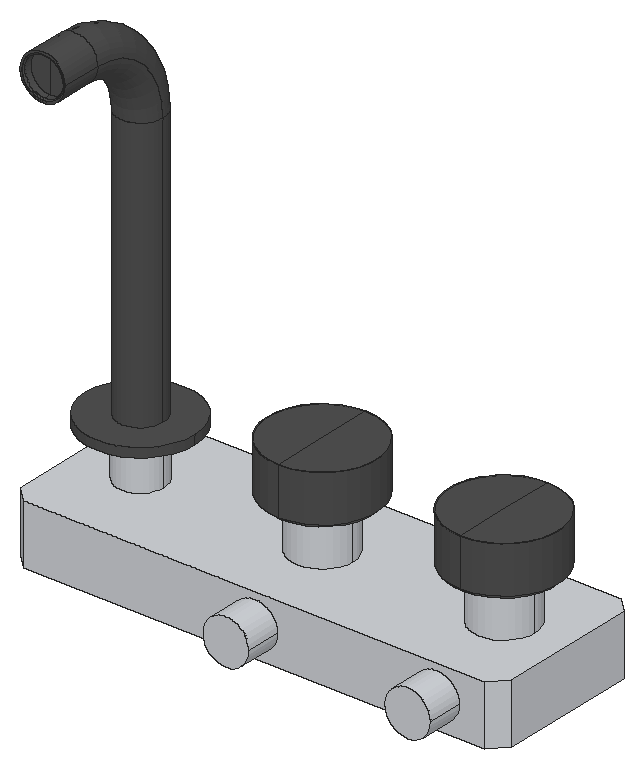
Revit family "Reece_Tap_Milli_Pure_Basin Tap Hostess System_200 mm_Linear Texture", category Plumbing Fixtures, host Face, Revit 2018
Family settings
  Host = Face
  Round Connector Dimension = Use Diameter
  Part Type = Normal
  Cut with Voids When Loaded = No
  Shared = Yes
  Room Calculation Point = Yes
Parameters (values of type "Matte Black")
  WFU = 0  # constant formula
  URL = "https://www.reece.com.au/product/-2224865"
  Type Comments = "Tap"
  Reece_Tap_Reach = 200 mm  # constant formula
  Reece_Tap_Inlet = 15 mm  # constant formula
  Reece_Product_Web Page = "https://www.reece.com.au/product/-2224865"
  Reece_Product_Type = "Tap"  # constant formula
  Reece_Product_Sub Brand = "Pure"  # constant formula
  Reece_Product_Number = "2224865"
  Reece_Product_Mount = "Wall Mounted"
  Reece_Product_Description = "Milli Pure Wall Basin Hostess System 200mm Right Hand with Linear Textured Handles Matte Black (3 star)"
  Reece_Product_Brand = "Milli"  # constant formula
  Reece_Overall_Length = 212.5 mm  # constant formula
  Reece_Material_Secondary = Reece_Brass_Matte Black_Linear Pattern
  Reece_Material_Main = Reece_Brass_Matte Black
  Reece_Detail_Tap_Handle Texture = "Linear  Texture"  # constant formula
  Reece_Detail_Installation = ""
  Reece_Detail_Disclaimer = "THIS FILE IS THE PROPERTY OF THE REECE GROUP. IT MAY NOT BE REPRODUCED, REVERSE-ENGINEERED OR MODIFIED. ANY REPUBLICATION, TRANSMISSION OR DISTRIBUTION FOR THE PURPOSE OF COMMERCIALLY EXPLOITING THE FILES IS PROHIBITED."  # constant formula
  Reece_Detail_Connector = ""
  Reece_Detail_Additional = "Basin Tap Hostess System\r\n"  # constant formula
  Reece_3D Texture = no
  Reece_3D Simplified Geometry = not(Reece_3D Texture)  # yes
  Model = "Pure"
  Manufacturer = "Milli"
  Keynote = "Product #2224865, Reece_Tap_Milli_Pure_Basin Tap Hostess System_200 mm_Linear Texture - Matte Black"
  HWFU = 0  # constant formula
  Disclaimer = "THIS FILE IS THE PROPERTY OF THE REECE GROUP. IT MAY NOT BE REPRODUCED, REVERSE-ENGINEERED OR MODIFIED. ANY REPUBLICATION, TRANSMISSION OR DISTRIBUTION FOR THE PURPOSE OF COMMERCIALLY EXPLOITING THE FILES IS PROHIBITED."  # constant formula
  Description = "Milli Pure Wall Basin Hostess System 200mm Right Hand with Linear Textured Handles Matte Black (3 star)"
  Default Elevation = 1000 mm
  CWFU = 0  # constant formula
Types (6, lengths in mm): name | URL | Reece_Product_Web Page | Reece_Product_Number | Reece_Product_Description | Reece_Material_Secondary | Reece_Material_Main | Keynote | Description
  Brushed Gunmetal | "https://www.reece.com.au/product/-2224864" | "https://www.reece.com.au/product/-2224864" | "2224864" | "Milli Pure Wall Basin Hostess System 200mm Right Hand with Linear Textured Handles Brushed Gunmetal (3 star)" | Reece_Brass_Brushed Gunmetal_Linear Pattern | Reece_Brass_Brushed Gunmetal | "Product #2224864, Reece_Tap_Milli_Pure_Basin Tap Hostess System_200 mm_Linear Texture - Brushed Gunmetal" | "Milli Pure Wall Basin Hostess System 200mm Right Hand with Linear Textured Handles Brushed Gunmetal (3 star)"
  Chrome | "https://www.reece.com.au/product/-2224862" | "https://www.reece.com.au/product/-2224862" | "2224862" | "Milli Pure Wall Basin Hostess System 200mm Right Hand with Linear Textured Handles Chrome (3 star)" | Reece_Brass_Chrome_Linear Pattern | Reece_Brass_Chrome | "Product #2224862, Reece_Tap_Milli_Pure_Basin Tap Hostess System_200 mm_Linear Texture - Chrome" | "Milli Pure Wall Basin Hostess System 200mm Right Hand with Linear Textured Handles Chrome (3 star)"
  Matte Black | "https://www.reece.com.au/product/-2224865" | "https://www.reece.com.au/product/-2224865" | "2224865" | "Milli Pure Wall Basin Hostess System 200mm Right Hand with Linear Textured Handles Matte Black (3 star)" | Reece_Brass_Matte Black_Linear Pattern | Reece_Brass_Matte Black | "Product #2224865, Reece_Tap_Milli_Pure_Basin Tap Hostess System_200 mm_Linear Texture - Matte Black" | "Milli Pure Wall Basin Hostess System 200mm Right Hand with Linear Textured Handles Matte Black (3 star)"
  Brushed Nickel | "https://www.reece.com.au/product/-2224863" | "https://www.reece.com.au/product/-2224863" | "2224863" | "Milli Pure Wall Basin Hostess System 200mm Right Hand with Linear Textured Handles Brushed Nickel (3 star)" | Reece_Brass_Brushed Nickel_Linear Pattern | Reece_Brass_Brushed Nickel | "Product #2224863, Reece_Tap_Milli_Pure_Basin Tap Hostess System_200 mm_Linear Texture - Brushed Nickel" | "Milli Pure Wall Basin Hostess System 200mm Right Hand with Linear Textured Handles Brushed Nickel (3 star)"
  PVD Brushed Bronze | "https://www.reece.com.au/product/-9511062" | "https://www.reece.com.au/product/-9511062" | "9511062" | "Milli Pure Wall Basin Hostess System 200mm Right Hand with Linear Textured Handles PVD Brushed Bronze (3 Star)" | Reece_PVD_Brushed Bronze_Linear Pattern | Reece_PVD_Brushed Bronze | "Product #9511062, Reece_Tap_Milli_Pure_Basin Tap Hostess System_200 mm_Linear Texture - PVD Brushed Bronze" | "Milli Pure Wall Basin Hostess System 200mm Right Hand with Linear Textured Handles PVD Brushed Bronze (3 Star)"
  PVD Brushed Gold | "https://www.reece.com.au/product/-9510877" | "https://www.reece.com.au/product/-9510877" | "9510877" | "Milli Pure Wall Basin Hostess System 200mm Right Hand with Linear Textured Handles PVD Brushed Gold (3 Star)" | Reece_PVD_Brushed Gold_Linear Pattern | Reece_PVD_Brushed Gold | "Product #9510877, Reece_Tap_Milli_Pure_Basin Tap Hostess System_200 mm_Linear Texture - PVD Brushed Gold" | "Milli Pure Wall Basin Hostess System 200mm Right Hand with Linear Textured Handles PVD Brushed Gold (3 Star)"
Reference planes
  plane 1 "Center (Front/Back)": y = 0
  plane 2 "Bottom": z = 0
  plane 3 "Center (Left/Right)": x = 0
  plane 4 "Top": z = 212.5
  plane 5: z = 200
  plane 6: y = -67
  plane 7: x = -100
  plane 8: x = 100
Forms (mm)
  Extrusion 1, solid, material "Reece_Brass_Matte Black" <- "Reece_Material_Main"
    sketch origin (-50, 0, 0) x (1, 0, 0) y (0, 1, 0)
      loop
        circle (-50, 0) r 30
    from 0 to 5
  Sweep 2, solid, material "Reece_Brass_Matte Black" <- "Reece_Material_Main"
    path origin (0, 0, 0) x (0, 1, 0) y (0, 0, 1)
      loop
        line (-67, 200) -> (-45, 200)
        arc (-45, 200) -> (-13.18, 186.82) -> (0, 155) r 45
        line (0, 155) -> (0, 0)
    profile origin (0, 0, 77.5) x (1, 0, 0) y (0, 1, 0)
      loop
        circle (-100, 0) r 12.5
      loop
        circle (-100, 0) r 11.5
  Revolve 3, solid, material "Reece_Brass_Matte Black"
    sketch origin (-100, -183.21, 68.488) x (0, 0.572951, -0.81959) y (0, 0.81959, 0.572951)
      loop
        line (-38.39, 174.619) -> (-37.119, 176.437) -> (-46.38, 182.911) -> (-50.465, 177.068) -> (-49.461, 177.508) -> (-47.184, 180.766) -> (-38.39, 174.619)
      axis (-37.119, 176.437) -> (-41.203, 170.594)
    angle from 0 to 360
  Extrusion 4, solid
    sketch origin (0, 0, 0) x (1, 0, 0) y (0, 1, 0)
      loop
        line (-126.853, 46.5) -> (-135, 38.353) -> (-135, -38.353) -> (-126.853, -46.5) -> (126.853, -46.5) -> (135, -38.353) -> (135, 38.353) -> (126.853, 46.5) -> (-126.853, 46.5)
    from -60 to -27
  Extrusion 5, solid
    sketch origin (50, 0, -3.5) x (-1, 0, 0) y (0, 0, 1)
      loop
        circle (50, -40) r 12.5
    from -66.119 to -46.5
  Extrusion 6, solid
    sketch origin (150, 0, -3.5) x (-1, 0, 0) y (0, 0, 1)
      loop
        circle (50, -40) r 12.5
    from -66.119 to -46.5
  Extrusion 7, void
    sketch origin (-150, 0, 0) x (1, 0, 0) y (0, 1, 0)
      loop
        circle (50, 0) r 17
    from 0 to -27
  Extrusion 8, void
    sketch origin (50, 0, 0) x (-1, 0, 0) y (0, -1, 0)
      loop
        circle (50, 0) r 20
    from 0 to -27
  Extrusion 9, void
    sketch origin (150, 0, 0) x (-1, 0, 0) y (0, -1, 0)
      loop
        circle (50, 0) r 20
    from 0 to -27
  Extrusion 10, solid
    sketch origin (-50, 0, 0) x (1, 0, 0) y (0, 1, 0)
      loop
        circle (50, 0) r 17
    from 0 to -27
  Extrusion 11, solid
    sketch origin (-150, 0, 0) x (1, 0, 0) y (0, 1, 0)
      loop
        circle (50, 0) r 13
    from 0 to -27
  Extrusion 12, solid
    sketch origin (50, 0, 0) x (1, 0, 0) y (0, 1, 0)
      loop
        circle (50, 0) r 17
    from 0 to -27
Cuts and joins
  Extrusion 7 cuts Extrusion 1
  Extrusion 7 cuts Sweep 2
  joined: Extrusion 1, Sweep 2
  Extrusion 7, Extrusion 8, Extrusion 9 cuts Extrusion 4
  Extrusion 7, Extrusion 8, Extrusion 9 cuts Extrusion 5
  Extrusion 7, Extrusion 8, Extrusion 9 cuts Extrusion 6
  joined: Extrusion 4, Extrusion 5, Extrusion 6, Extrusion 10, Extrusion 11, Extrusion 12
Text (mm)
  text "Reece Copyright © 2018, Reece Ltd." at (-1226.483, -235.302, 0), in view "Ref. Level"
  text "Reece ©" at (44.384, 258.95, 192.345), in view "Reece Preview"
Dimensions and locks
  "Reece_Tap_Reach": plane 5 to plane 2 "Bottom"
  plane 1 "Center (Front/Back)" to plane 6 = 67 mm
  locked: plane 4 "Top" to plane 5 at 12.5
  "Reece_Overall_Length": plane 4 "Top" to plane 2 "Bottom"
  plane 7 to plane 3 "Center (Left/Right)" to nested 4 = 100 mm, 100 mm
  aligned and locked: plane 2 "Bottom" to host face
  aligned and locked: level to host face
Automatic sketch dimensions
  host sketch curve to host sketch curve = 380.785 mm
  host sketch curve to host sketch curve = 317.421 mm
  plane 1 "Center (Front/Back)" to Extrusion 1 sketch curve = 0 mm
  Extrusion 1 sketch curve to plane 3 "Center (Left/Right)" = 100 mm
  Sweep 2 sketch curve to plane 5 = 0 mm
  Sweep 2 sketch curve to plane 6 = 0 mm
  level to Sweep 2 sketch curve = 0 mm
  Sweep 2 sketch curve to plane 1 "Center (Front/Back)" = 0 mm
  Sweep 2 sketch curve to plane 6 = 22 mm
  Sweep 2 sketch curve to Sweep 2 sketch curve = 0 mm  (x2)
  profile plane to Sweep 2 sketch curve = 0 mm
  Sweep 2 sketch curve to plane 3 "Center (Left/Right)" = 100 mm
  Revolve 3 sketch curve to plane 5 = 0 mm  (x4)
  Revolve 3 sketch curve to plane 6 = 0 mm
  Revolve 3 sketch curve to plane 4 "Top" = 1.2 mm
  Revolve 3 sketch curve to Revolve 3 sketch curve = 1.003 mm
  Revolve 3 sketch curve to Revolve 3 sketch curve = 2.278 mm
  Revolve 3 sketch curve to Revolve 3 sketch curve = 0.803 mm
  Revolve 3 sketch curve to Revolve 3 sketch curve = 1.271 mm
  Revolve 3 sketch curve to Revolve 3 sketch curve = 17.422 mm
  Revolve 3 sketch curve to Revolve 3 sketch curve = 3.892 mm
  Extrusion 4 sketch curve to Extrusion 4 sketch curve = 8.147 mm  (x7)
  Extrusion 4 sketch curve to plane 1 "Center (Front/Back)" = 46.5 mm
  Extrusion 4 sketch curve to plane 3 "Center (Left/Right)" = 126.853 mm
  Extrusion 4 sketch curve to plane 6 = 20.5 mm
  Extrusion 4 sketch curve to Extrusion 4 sketch curve = 0 mm
  plane 3 "Center (Left/Right)" to Extrusion 4 sketch curve = 126.853 mm
  Extrusion 6 sketch curve to level = 43.5 mm
  plane 3 "Center (Left/Right)" to Extrusion 6 sketch curve = 100 mm
  Extrusion 5 sketch curve to plane 3 "Center (Left/Right)" = 0 mm
  Extrusion 5 sketch curve to level = 43.5 mm
  Extrusion 7 sketch curve to Extrusion 7 sketch curve = 0 mm  (x2)
  plane 1 "Center (Front/Back)" to Extrusion 7 sketch curve = 0 mm
  Extrusion 7 sketch curve to plane 7 = 0 mm
  Extrusion 7 sketch curve to Extrusion 7 sketch curve = 17 mm
  Extrusion 8 sketch curve to Extrusion 8 sketch curve = 0 mm  (x2)
  plane 1 "Center (Front/Back)" to Extrusion 8 sketch curve = 0 mm
  Extrusion 8 sketch curve to plane 3 "Center (Left/Right)" = 0 mm
  Extrusion 8 sketch curve to plane 3 "Center (Left/Right)" = 20 mm
  Extrusion 9 sketch curve to Extrusion 9 sketch curve = 0 mm  (x2)
  plane 1 "Center (Front/Back)" to Extrusion 9 sketch curve = 0 mm
  Extrusion 9 sketch curve to plane 8 = 0 mm
  Extrusion 9 sketch curve to plane 8 = 20 mm
  Extrusion 10 sketch curve to Extrusion 10 sketch curve = 0 mm  (x2)
  plane 1 "Center (Front/Back)" to Extrusion 10 sketch curve = 0 mm
  Extrusion 10 sketch curve to plane 3 "Center (Left/Right)" = 0 mm
  Extrusion 10 sketch curve to Extrusion 10 sketch curve = 17 mm
  Extrusion 11 sketch curve to Extrusion 11 sketch curve = 0 mm  (x2)
  plane 1 "Center (Front/Back)" to Extrusion 11 sketch curve = 0 mm
  Extrusion 11 sketch curve to plane 7 = 0 mm
  Extrusion 11 sketch curve to Extrusion 11 sketch curve = 13 mm
  Extrusion 12 sketch curve to Extrusion 12 sketch curve = 0 mm  (x2)
  plane 1 "Center (Front/Back)" to Extrusion 12 sketch curve = 0 mm
  Extrusion 12 sketch curve to plane 8 = 0 mm
  Extrusion 12 sketch curve to Extrusion 12 sketch curve = 17 mm
  radius of Extrusion 1 sketch curve = 30 mm
  radius of Sweep 2 sketch curve = 12.5 mm
  radius of Sweep 2 sketch curve = 11.5 mm
  radius of Extrusion 6 sketch curve = 12.5 mm
  radius of Extrusion 5 sketch curve = 12.5 mm
Nested families
  nested 1: "Reece_Tap_Milli_Pure_Cap_Linear Texture_60mm x 28mm_3D" at (0, 0, 0), visible <- "Reece_3D Texture", Reece_Material_Main <- "Reece_Material_Main", Reece_Material_Secondary <- "Reece_Material_Secondary", type "60mm x 28mm"
    with Reece_Material_Secondary Reece_Brass_Matte Black_Linear Pattern, Reece_Material_Main Reece_Brass_Matte Black
  nested 2: "Reece_Tap_Milli_Pure_Cap_Main_2D" at (0, 0, 0), visible <- "Reece_3D Simplified Geometry", Reece_Material_Main <- "Reece_Material_Main", Reece_Material_Secondary <- "Reece_Material_Secondary", type "60mm x 28mm"
    with Reece_Material_Secondary Reece_Brass_Matte Black_Linear Pattern, Reece_Material_Main Reece_Brass_Matte Black, Reece_Overall_Height 28 mm
  nested 3: "Reece_Tap_Milli_Pure_Cap_Linear Texture_60mm x 28mm_3D" at (100, 0, 0), visible <- "Reece_3D Texture", Reece_Material_Main <- "Reece_Material_Main", Reece_Material_Secondary <- "Reece_Material_Secondary", type "60mm x 28mm"
    with Reece_Material_Secondary Reece_Brass_Matte Black_Linear Pattern, Reece_Material_Main Reece_Brass_Matte Black
  nested 4: "Reece_Tap_Milli_Pure_Cap_Main_2D" at (100, 0, 0), visible <- "Reece_3D Simplified Geometry", Reece_Material_Main <- "Reece_Material_Main", Reece_Material_Secondary <- "Reece_Material_Secondary", type "60mm x 28mm"
    with Reece_Material_Secondary Reece_Brass_Matte Black_Linear Pattern, Reece_Material_Main Reece_Brass_Matte Black, Reece_Overall_Height 28 mm
Connectors
  piping at (0, -66.119, -43.5), diameter 15, driven by "Reece_Tap_Inlet"
    settings: on cut or joined group 1 (Extrusion 4, Extrusion 5, Extrusion 6, Extrusion 7, Extrusion 8, Extrusion 9, Extrusion 10, Extrusion 11, Extrusion 12), index 1, connector inside diameter 609.6 mm, connector length 0 mm, flow factor 0, pipe flow 0.0 L/s, pressure drop 0.0 Pa, fitting loss kfactor 0, connector angle 0.00°, fixture units 0, engagement length 0 mm, angle of deflection 0.00°, flow configuration 0, flow direction 1, fitting loss method 0, system type 29, joint type 0, gender type 0, connector reference index -1, connector utility 0, adjustable connector no, is connector primary yes, connector description ""
  piping at (100, -66.119, -43.5), diameter 15, driven by "Reece_Tap_Inlet"
    settings: on cut or joined group 1, index 2, connector inside diameter 609.6 mm, connector length 0 mm, flow factor 0, pipe flow 0.0 L/s, pressure drop 0.0 Pa, fitting loss kfactor 0, connector angle 0.00°, fixture units 0, engagement length 0 mm, angle of deflection 0.00°, flow configuration 0, flow direction 1, fitting loss method 0, system type 29, joint type 0, gender type 0, connector reference index -1, connector utility 0, adjustable connector no, is connector primary no, connector description ""
Definition of nested family "Reece_Tap_Milli_Pure_Cap_Linear Texture_60mm x 28mm_3D"
  Parameters (values of type "60mm x 28mm")
    WFU = 0  # constant formula
    Reece_Tap_Inlet = 0 mm
    Reece_Overall_Length = 60 mm
    Reece_Overall_Height = 28 mm
    Reece_Material_Secondary [instance] = none
    Reece_Material_Main [instance] = none
    Reece_Detail_Installation = ""
    Reece_Detail_Connector = ""
    Reece_Detail_Additional = ""
    HWFU = 0  # constant formula
    Default Elevation = 1000 mm
    CWFU = 0  # constant formula
  Reference planes
    plane 1 "Center (Front/Back)": y = 0
    plane 2 "Bottom": z = 0
    plane 3 "Center (Left/Right)": x = 0
    plane 4: z = 28
    plane 5: y = -30
    plane 6: y = 30
  Forms (mm)
    Extrusion 1, solid
      sketch origin (619.2, -619.2, 0) x (1, 0, 0) y (0, 1, 0)
        loop
          line (-809.2, 779.2) -> (-809.2, 461.779) -> (-428.415, 461.779) -> (-428.415, 779.2) -> (-809.2, 779.2)
      from 0 to -9.564
    Revolve 2, solid, material <- "Reece_Material_Main"
      sketch origin (0, 0, -140.292) x (0, 1, 0) y (0, 0, 1)
        loop
          line (0, 148.292) -> (-30, 148.292) -> (-30, 142.292) -> (-27.915, 142.292) -> (-27.915, 140.292) -> (-25.915, 140.292) -> (-25.915, 144.803) -> (0, 144.803) -> (0, 148.292)
        axis (0, 140.292) -> (0, 148.292)
      angle from 0 to 360
    Extrusion 3, solid, material <- "Reece_Material_Main"
      sketch origin (300, 0, 0) x (1, 0, 0) y (0, 1, 0)
        loop
          arc (-296.155, 28.799) -> (-297.018, 29.853) -> (-298.073, 28.991) r 0.964
          arc (-298.073, 28.991) -> (-298.726, 29.95) -> (-299.664, 29.266) r 0.808
          arc (-299.664, 29.266) -> (-300.6, 29.978) -> (-301.291, 29.026) r 0.823
          arc (-301.291, 29.026) -> (-302.327, 29.911) -> (-303.213, 28.877) r 0.964
          arc (-303.213, 28.877) -> (-304.305, 29.691) -> (-305.121, 28.6) r 0.964
          arc (-305.121, 28.6) -> (-306.265, 29.34) -> (-307.007, 28.197) r 0.964
          arc (-307.007, 28.197) -> (-308.197, 28.86) -> (-308.861, 27.671) r 0.964
          arc (-308.861, 27.671) -> (-310.093, 28.253) -> (-310.677, 27.022) r 0.964
          arc (-310.677, 27.022) -> (-311.945, 27.522) -> (-312.445, 26.254) r 0.964
          arc (-312.445, 26.254) -> (-313.743, 26.669) -> (-314.159, 25.371) r 0.964
          arc (-314.159, 25.371) -> (-315.482, 25.699) -> (-315.811, 24.376) r 0.964
          arc (-315.811, 24.376) -> (-317.152, 24.615) -> (-317.393, 23.274) r 0.964
          arc (-317.393, 23.274) -> (-318.747, 23.423) -> (-318.898, 22.069) r 0.964
          arc (-318.898, 22.069) -> (-320.259, 22.129) -> (-320.32, 20.767) r 0.964
          arc (-320.32, 20.767) -> (-321.682, 20.736) -> (-321.652, 19.374) r 0.964
          arc (-321.652, 19.374) -> (-323.01, 19.253) -> (-322.89, 17.895) r 0.964
          arc (-322.89, 17.895) -> (-324.236, 17.684) -> (-324.026, 16.338) r 0.964
          arc (-324.026, 16.338) -> (-325.355, 16.038) -> (-325.057, 14.708) r 0.964
          arc (-325.057, 14.708) -> (-326.363, 14.321) -> (-325.977, 13.014) r 0.964
          arc (-325.977, 13.014) -> (-327.255, 12.541) -> (-326.783, 11.263) r 0.964
          arc (-326.783, 11.263) -> (-328.027, 10.706) -> (-327.471, 9.462) r 0.964
          arc (-327.471, 9.462) -> (-328.675, 8.824) -> (-328.038, 7.619) r 0.964
          arc (-328.038, 7.619) -> (-329.197, 6.902) -> (-328.482, 5.743) r 0.964
          arc (-328.482, 5.743) -> (-329.59, 4.951) -> (-328.8, 3.841) r 0.964
          arc (-328.8, 3.841) -> (-329.854, 2.978) -> (-328.991, 1.923) r 0.964
          arc (-328.991, 1.923) -> (-329.985, 0.991) -> (-329.055, -0.004) r 0.964
          arc (-329.055, -0.004) -> (-329.985, -1) -> (-328.991, -1.931) r 0.964
          arc (-328.991, -1.931) -> (-329.853, -2.986) -> (-328.799, -3.85) r 0.964
          arc (-328.799, -3.85) -> (-329.589, -4.96) -> (-328.48, -5.751) r 0.964
          arc (-328.48, -5.751) -> (-329.195, -6.911) -> (-328.036, -7.627) r 0.964
          arc (-328.036, -7.627) -> (-328.672, -8.832) -> (-327.468, -9.47) r 0.964
          arc (-327.468, -9.47) -> (-328.023, -10.714) -> (-326.78, -11.271) r 0.964
          arc (-326.78, -11.271) -> (-327.251, -12.549) -> (-325.973, -13.022) r 0.964
          arc (-325.973, -13.022) -> (-326.359, -14.329) -> (-325.052, -14.716) r 0.964
          arc (-325.052, -14.716) -> (-325.351, -16.045) -> (-324.021, -16.345) r 0.964
          arc (-324.021, -16.345) -> (-324.231, -17.691) -> (-322.884, -17.902) r 0.964
          arc (-322.884, -17.902) -> (-323.004, -19.259) -> (-321.647, -19.38) r 0.964
          arc (-321.647, -19.38) -> (-321.676, -20.743) -> (-320.314, -20.773) r 0.964
          arc (-320.314, -20.773) -> (-320.253, -22.135) -> (-318.891, -22.075) r 0.964
          arc (-318.891, -22.075) -> (-318.74, -23.429) -> (-317.386, -23.279) r 0.964
          arc (-317.386, -23.279) -> (-317.145, -24.62) -> (-315.804, -24.381) r 0.964
          arc (-315.804, -24.381) -> (-315.474, -25.703) -> (-314.152, -25.375) r 0.964
          arc (-314.152, -25.375) -> (-313.736, -26.673) -> (-312.438, -26.258) r 0.964
          arc (-312.438, -26.258) -> (-311.936, -27.525) -> (-310.669, -27.025) r 0.964
          arc (-310.669, -27.025) -> (-310.085, -28.256) -> (-308.853, -27.673) r 0.964
          arc (-308.853, -27.673) -> (-308.189, -28.863) -> (-306.998, -28.199) r 0.964
          arc (-306.998, -28.199) -> (-306.256, -29.342) -> (-305.113, -28.601) r 0.964
          arc (-305.113, -28.601) -> (-304.297, -29.693) -> (-303.205, -28.878) r 0.964
          arc (-303.205, -28.878) -> (-302.318, -29.912) -> (-301.282, -29.026) r 0.964
          arc (-301.282, -29.026) -> (-300.329, -30) -> (-299.354, -29.048) r 0.964
          arc (-299.354, -29.048) -> (-298.339, -29.956) -> (-297.429, -28.941) r 0.964
          arc (-297.429, -28.941) -> (-296.356, -29.78) -> (-295.516, -28.707) r 0.964
          arc (-295.516, -28.707) -> (-294.389, -29.472) -> (-293.622, -28.346) r 0.964
          arc (-293.622, -28.346) -> (-292.446, -29.035) -> (-291.756, -27.861) r 0.964
          arc (-291.756, -27.861) -> (-290.537, -28.47) -> (-289.926, -27.252) r 0.964
          arc (-289.926, -27.252) -> (-288.67, -27.78) -> (-288.141, -26.524) r 0.964
          arc (-288.141, -26.524) -> (-286.852, -26.968) -> (-286.408, -25.679) r 0.964
          arc (-286.408, -25.679) -> (-285.093, -26.036) -> (-284.735, -24.722) r 0.964
          arc (-284.735, -24.722) -> (-283.399, -24.99) -> (-283.129, -23.655) r 0.964
          arc (-283.129, -23.655) -> (-281.778, -23.834) -> (-281.597, -22.484) r 0.964
          arc (-281.597, -22.484) -> (-280.238, -22.573) -> (-280.147, -21.214) r 0.964
          arc (-280.147, -21.214) -> (-278.784, -21.213) -> (-278.783, -19.85) r 0.964
          arc (-278.783, -19.85) -> (-277.424, -19.759) -> (-277.514, -18.399) r 0.964
          arc (-277.514, -18.399) -> (-276.163, -18.218) -> (-276.343, -16.868) r 0.964
          arc (-276.343, -16.868) -> (-275.007, -16.597) -> (-275.276, -15.262) r 0.964
          arc (-275.276, -15.262) -> (-273.962, -14.903) -> (-274.319, -13.588) r 0.964
          arc (-274.319, -13.588) -> (-273.03, -13.144) -> (-273.474, -11.855) r 0.964
          arc (-273.474, -11.855) -> (-272.218, -11.326) -> (-272.746, -10.07) r 0.964
          arc (-272.746, -10.07) -> (-271.528, -9.459) -> (-272.138, -8.24) r 0.964
          arc (-272.138, -8.24) -> (-270.964, -7.549) -> (-271.653, -6.374) r 0.964
          arc (-271.653, -6.374) -> (-270.527, -5.607) -> (-271.293, -4.48) r 0.964
          arc (-271.293, -4.48) -> (-270.22, -3.64) -> (-271.059, -2.566) r 0.964
          arc (-271.059, -2.566) -> (-270.044, -1.657) -> (-270.952, -0.641) r 0.964
          arc (-270.952, -0.641) -> (-270, 0.333) -> (-270.974, 1.287) r 0.964
          arc (-270.974, 1.287) -> (-270.088, 2.322) -> (-271.123, 3.209) r 0.964
          arc (-271.123, 3.209) -> (-270.308, 4.301) -> (-271.399, 5.117) r 0.964
          arc (-271.399, 5.117) -> (-270.659, 6.261) -> (-271.802, 7.002) r 0.964
          arc (-271.802, 7.002) -> (-271.138, 8.193) -> (-272.328, 8.857) r 0.964
          arc (-272.328, 8.857) -> (-271.745, 10.089) -> (-272.977, 10.673) r 0.964
          arc (-272.977, 10.673) -> (-272.477, 11.941) -> (-273.744, 12.442) r 0.964
          arc (-273.744, 12.442) -> (-273.329, 13.74) -> (-274.627, 14.156) r 0.964
          arc (-274.627, 14.156) -> (-274.299, 15.478) -> (-275.621, 15.807) r 0.964
          arc (-275.621, 15.807) -> (-275.382, 17.149) -> (-276.723, 17.389) r 0.964
          arc (-276.723, 17.389) -> (-276.574, 18.744) -> (-277.928, 18.895) r 0.964
          arc (-277.928, 18.895) -> (-277.868, 20.256) -> (-279.23, 20.317) r 0.964
          arc (-279.23, 20.317) -> (-279.261, 21.679) -> (-280.623, 21.65) r 0.964
          arc (-280.623, 21.65) -> (-280.744, 23.007) -> (-282.101, 22.887) r 0.964
          arc (-282.101, 22.887) -> (-282.312, 24.233) -> (-283.659, 24.024) r 0.964
          arc (-283.659, 24.024) -> (-283.958, 25.353) -> (-285.288, 25.055) r 0.964
          arc (-285.288, 25.055) -> (-285.675, 26.361) -> (-286.982, 25.975) r 0.964
          arc (-286.982, 25.975) -> (-287.455, 27.253) -> (-288.733, 26.781) r 0.964
          arc (-288.733, 26.781) -> (-289.29, 28.025) -> (-290.534, 27.47) r 0.964
          arc (-290.534, 27.47) -> (-291.172, 28.674) -> (-292.377, 28.037) r 0.964
          arc (-292.377, 28.037) -> (-293.093, 29.196) -> (-294.253, 28.481) r 0.964
          arc (-294.253, 28.481) -> (-295.045, 29.59) -> (-296.155, 28.799) r 0.964
      from 8 to 28
  Text (mm)
    text "Reece Copyright © 2018, Reece Ltd." at (-1403.988, -1192.393, 0), in view "Ref. Level"
    text "Reece ©" at (44.384, 258.95, 192.345), in view "Reece Preview"
  Dimensions and locks
    "Reece_Overall_Height": plane 4 to plane 2 "Bottom"
    "Reece_Overall_Length": plane 5 to plane 6
    equal spacing: plane 6, plane 1 "Center (Front/Back)", plane 5
    aligned and locked: plane 2 "Bottom" to Extrusion 1
    aligned and locked: level to Extrusion 1
    aligned and locked: plane 4 to Extrusion 3
  Automatic sketch dimensions
    Extrusion 1 sketch curve to Extrusion 1 sketch curve = 380.785 mm
    Extrusion 1 sketch curve to Extrusion 1 sketch curve = 317.421 mm
    level to Revolve 2 sketch curve = 0 mm
    Revolve 2 sketch curve to plane 1 "Center (Front/Back)" = 0 mm  (x2)
    level to Revolve 2 sketch curve = 2 mm
    level to Revolve 2 sketch curve = 4.511 mm
    Revolve 2 sketch curve to Revolve 2 sketch curve = 3.489 mm
    plane 4 to Revolve 2 sketch curve = 17.996 mm
    Revolve 2 sketch curve to Revolve 2 sketch curve = 3.712 mm
    Revolve 2 sketch curve to plane 5 = 0 mm
    Extrusion 3 sketch curve to plane 1 "Center (Front/Back)" = 0.959 mm
    Extrusion 3 sketch curve to plane 3 "Center (Left/Right)" = 29.022 mm
    plane 1 "Center (Front/Back)" to Extrusion 3 sketch curve = 0.968 mm
    Extrusion 3 sketch curve to Extrusion 3 sketch curve = 0 mm
    Extrusion 3 sketch curve to Extrusion 3 sketch curve = 0.128 mm  (x2)
    Extrusion 3 sketch curve to Extrusion 3 sketch curve = 0.255 mm  (x2)
    Extrusion 3 sketch curve to Extrusion 3 sketch curve = 0.381 mm  (x2)
    Extrusion 3 sketch curve to Extrusion 3 sketch curve = 0.505 mm
    Extrusion 3 sketch curve to Extrusion 3 sketch curve = 0.506 mm
    Extrusion 3 sketch curve to Extrusion 3 sketch curve = 0.627 mm
    Extrusion 3 sketch curve to Extrusion 3 sketch curve = 0.628 mm  (x2)
    Extrusion 3 sketch curve to Extrusion 3 sketch curve = 0.747 mm  (x3)
    Extrusion 3 sketch curve to Extrusion 3 sketch curve = 0.863 mm  (x2)
    Extrusion 3 sketch curve to Extrusion 3 sketch curve = 0.864 mm
    Extrusion 3 sketch curve to Extrusion 3 sketch curve = 0.975 mm
    Extrusion 3 sketch curve to Extrusion 3 sketch curve = 0.976 mm  (x2)
    Extrusion 3 sketch curve to Extrusion 3 sketch curve = 1.084 mm  (x3)
    Extrusion 3 sketch curve to Extrusion 3 sketch curve = 1.187 mm  (x3)
    Extrusion 3 sketch curve to Extrusion 3 sketch curve = 1.285 mm  (x3)
    Extrusion 3 sketch curve to Extrusion 3 sketch curve = 1.377 mm  (x2)
    Extrusion 3 sketch curve to Extrusion 3 sketch curve = 1.378 mm
    Extrusion 3 sketch curve to Extrusion 3 sketch curve = 1.464 mm  (x3)
    Extrusion 3 sketch curve to Extrusion 3 sketch curve = 1.544 mm  (x3)
    Extrusion 3 sketch curve to Extrusion 3 sketch curve = 1.617 mm  (x3)
    Extrusion 3 sketch curve to Extrusion 3 sketch curve = 1.683 mm  (x3)
    Extrusion 3 sketch curve to Extrusion 3 sketch curve = 1.741 mm  (x3)
    Extrusion 3 sketch curve to Extrusion 3 sketch curve = 1.792 mm  (x3)
    Extrusion 3 sketch curve to Extrusion 3 sketch curve = 1.835 mm  (x3)
    Extrusion 3 sketch curve to Extrusion 3 sketch curve = 1.87 mm  (x3)
    Extrusion 3 sketch curve to Extrusion 3 sketch curve = 1.897 mm  (x3)
    Extrusion 3 sketch curve to Extrusion 3 sketch curve = 1.915 mm  (x3)
    Extrusion 3 sketch curve to plane 3 "Center (Left/Right)" = 0.48 mm
    Extrusion 3 sketch curve to plane 3 "Center (Left/Right)" = 0.318 mm
    plane 3 "Center (Left/Right)" to Extrusion 3 sketch curve = 1.136 mm
    plane 3 "Center (Left/Right)" to Extrusion 3 sketch curve = 1.608 mm
    Extrusion 3 sketch curve to Extrusion 3 sketch curve = 1.75 mm
    Extrusion 3 sketch curve to Extrusion 3 sketch curve = 1.919 mm  (x2)
    Extrusion 3 sketch curve to Extrusion 3 sketch curve = 1.91 mm  (x2)
    Extrusion 3 sketch curve to Extrusion 3 sketch curve = 1.904 mm  (x2)
    Extrusion 3 sketch curve to Extrusion 3 sketch curve = 1.889 mm  (x3)
    Extrusion 3 sketch curve to Extrusion 3 sketch curve = 1.88 mm  (x2)
    Extrusion 3 sketch curve to Extrusion 3 sketch curve = 1.859 mm  (x3)
    Extrusion 3 sketch curve to Extrusion 3 sketch curve = 1.848 mm  (x2)
    Extrusion 3 sketch curve to Extrusion 3 sketch curve = 1.822 mm  (x3)
    Extrusion 3 sketch curve to Extrusion 3 sketch curve = 1.807 mm  (x2)
    Extrusion 3 sketch curve to Extrusion 3 sketch curve = 1.776 mm  (x3)
    Extrusion 3 sketch curve to Extrusion 3 sketch curve = 1.759 mm  (x2)
    Extrusion 3 sketch curve to Extrusion 3 sketch curve = 1.723 mm  (x3)
    Extrusion 3 sketch curve to Extrusion 3 sketch curve = 1.703 mm  (x2)
    Extrusion 3 sketch curve to Extrusion 3 sketch curve = 1.662 mm  (x2)
    Extrusion 3 sketch curve to Extrusion 3 sketch curve = 1.639 mm
    Extrusion 3 sketch curve to Extrusion 3 sketch curve = 1.593 mm  (x3)
    Extrusion 3 sketch curve to Extrusion 3 sketch curve = 1.569 mm  (x2)
    Extrusion 3 sketch curve to Extrusion 3 sketch curve = 1.518 mm  (x3)
    Extrusion 3 sketch curve to Extrusion 3 sketch curve = 1.491 mm  (x2)
    Extrusion 3 sketch curve to Extrusion 3 sketch curve = 1.436 mm  (x3)
    Extrusion 3 sketch curve to Extrusion 3 sketch curve = 1.407 mm  (x2)
    Extrusion 3 sketch curve to Extrusion 3 sketch curve = 1.347 mm  (x2)
    Extrusion 3 sketch curve to Extrusion 3 sketch curve = 1.316 mm
    Extrusion 3 sketch curve to Extrusion 3 sketch curve = 1.253 mm  (x3)
    Extrusion 3 sketch curve to Extrusion 3 sketch curve = 1.22 mm  (x2)
    Extrusion 3 sketch curve to Extrusion 3 sketch curve = 1.153 mm  (x3)
    Extrusion 3 sketch curve to Extrusion 3 sketch curve = 1.119 mm  (x2)
    Extrusion 3 sketch curve to Extrusion 3 sketch curve = 1.048 mm  (x2)
    Extrusion 3 sketch curve to Extrusion 3 sketch curve = 1.012 mm  (x2)
    Extrusion 3 sketch curve to Extrusion 3 sketch curve = 0.939 mm  (x3)
    Extrusion 3 sketch curve to Extrusion 3 sketch curve = 0.901 mm  (x3)
    Extrusion 3 sketch curve to Extrusion 3 sketch curve = 0.825 mm  (x5)
    Extrusion 3 sketch curve to Extrusion 3 sketch curve = 0.786 mm  (x2)
    Extrusion 3 sketch curve to Extrusion 3 sketch curve = 0.708 mm  (x2)
    Extrusion 3 sketch curve to Extrusion 3 sketch curve = 0.668 mm  (x2)
    Extrusion 3 sketch curve to Extrusion 3 sketch curve = 0.587 mm
    Extrusion 3 sketch curve to Extrusion 3 sketch curve = 0.546 mm
    Extrusion 3 sketch curve to Extrusion 3 sketch curve = 0.464 mm
    Extrusion 3 sketch curve to Extrusion 3 sketch curve = 0.423 mm  (x2)
    Extrusion 3 sketch curve to Extrusion 3 sketch curve = 0.339 mm
    Extrusion 3 sketch curve to Extrusion 3 sketch curve = 0.297 mm
    Extrusion 3 sketch curve to Extrusion 3 sketch curve = 0.213 mm
    plane 1 "Center (Front/Back)" to Extrusion 3 sketch curve = 1.604 mm
    Extrusion 3 sketch curve to Extrusion 3 sketch curve = 0.17 mm
    Extrusion 3 sketch curve to plane 1 "Center (Front/Back)" = 0.323 mm
    Extrusion 3 sketch curve to Extrusion 3 sketch curve = 0.085 mm
    Extrusion 3 sketch curve to Extrusion 3 sketch curve = 1.317 mm
    Extrusion 3 sketch curve to Extrusion 3 sketch curve = 1.64 mm
    Extrusion 3 sketch curve to Extrusion 3 sketch curve = 1.661 mm
    Extrusion 3 sketch curve to Extrusion 3 sketch curve = 1.923 mm  (x2)
    Extrusion 3 sketch curve to Extrusion 3 sketch curve = 1.925 mm
    Extrusion 3 sketch curve to Extrusion 3 sketch curve = 1.348 mm
    Extrusion 3 sketch curve to Extrusion 3 sketch curve = 1.049 mm
    plane 1 "Center (Front/Back)" to Extrusion 3 sketch curve = 0.004 mm
    Extrusion 3 sketch curve to Extrusion 3 sketch curve = 0.033 mm
    Extrusion 3 sketch curve to Extrusion 3 sketch curve = 0.031 mm  (x2)
    Extrusion 3 sketch curve to Extrusion 3 sketch curve = 0.16 mm  (x2)
    Extrusion 3 sketch curve to Extrusion 3 sketch curve = 0.158 mm
    Extrusion 3 sketch curve to Extrusion 3 sketch curve = 0.223 mm
    Extrusion 3 sketch curve to Extrusion 3 sketch curve = 0.221 mm
    Extrusion 3 sketch curve to Extrusion 3 sketch curve = 0.285 mm
    Extrusion 3 sketch curve to Extrusion 3 sketch curve = 0.345 mm
    Extrusion 3 sketch curve to Extrusion 3 sketch curve = 0.283 mm
    Extrusion 3 sketch curve to Extrusion 3 sketch curve = 0.343 mm
    Extrusion 3 sketch curve to Extrusion 3 sketch curve = 0.404 mm
    Extrusion 3 sketch curve to Extrusion 3 sketch curve = 0.402 mm
    Extrusion 3 sketch curve to Extrusion 3 sketch curve = 0.461 mm
    Extrusion 3 sketch curve to Extrusion 3 sketch curve = 0.459 mm
    Extrusion 3 sketch curve to Extrusion 3 sketch curve = 0.516 mm
    Extrusion 3 sketch curve to Extrusion 3 sketch curve = 0.569 mm
    Extrusion 3 sketch curve to Extrusion 3 sketch curve = 0.515 mm
    Extrusion 3 sketch curve to Extrusion 3 sketch curve = 0.567 mm
    Extrusion 3 sketch curve to Extrusion 3 sketch curve = 0.568 mm
    Extrusion 3 sketch curve to Extrusion 3 sketch curve = 0.667 mm
    Extrusion 3 sketch curve to Extrusion 3 sketch curve = 0.618 mm
    Extrusion 3 sketch curve to Extrusion 3 sketch curve = 0.712 mm  (x2)
    Extrusion 3 sketch curve to Extrusion 3 sketch curve = 0.71 mm
    Extrusion 3 sketch curve to Extrusion 3 sketch curve = 0.711 mm
    Extrusion 3 sketch curve to Extrusion 3 sketch curve = 0.791 mm  (x2)
    Extrusion 3 sketch curve to Extrusion 3 sketch curve = 0.752 mm
    Extrusion 3 sketch curve to Extrusion 3 sketch curve = 0.826 mm  (x2)
    Extrusion 3 sketch curve to Extrusion 3 sketch curve = 0.885 mm  (x2)
    Extrusion 3 sketch curve to Extrusion 3 sketch curve = 0.908 mm  (x2)
    Extrusion 3 sketch curve to Extrusion 3 sketch curve = 0.907 mm
    Extrusion 3 sketch curve to Extrusion 3 sketch curve = 0.928 mm
    Extrusion 3 sketch curve to Extrusion 3 sketch curve = 0.914 mm
    Extrusion 3 sketch curve to Extrusion 3 sketch curve = 0.922 mm
    Extrusion 3 sketch curve to Extrusion 3 sketch curve = 0.915 mm
    Extrusion 3 sketch curve to Extrusion 3 sketch curve = 0.893 mm
    Extrusion 3 sketch curve to Extrusion 3 sketch curve = 0.847 mm
    Extrusion 3 sketch curve to Extrusion 3 sketch curve = 0.836 mm
    Extrusion 3 sketch curve to Extrusion 3 sketch curve = 0.814 mm
    Extrusion 3 sketch curve to Extrusion 3 sketch curve = 0.837 mm
    Extrusion 3 sketch curve to Extrusion 3 sketch curve = 0.815 mm
    Extrusion 3 sketch curve to Extrusion 3 sketch curve = 0.765 mm
    Extrusion 3 sketch curve to Extrusion 3 sketch curve = 0.739 mm
    Extrusion 3 sketch curve to Extrusion 3 sketch curve = 0.725 mm
    Extrusion 3 sketch curve to Extrusion 3 sketch curve = 0.696 mm
    Extrusion 3 sketch curve to Extrusion 3 sketch curve = 0.726 mm
    Extrusion 3 sketch curve to Extrusion 3 sketch curve = 0.65 mm
    Extrusion 3 sketch curve to Extrusion 3 sketch curve = 0.682 mm
    Extrusion 3 sketch curve to Extrusion 3 sketch curve = 0.601 mm
    Extrusion 3 sketch curve to Extrusion 3 sketch curve = 0.636 mm
    Extrusion 3 sketch curve to Extrusion 3 sketch curve = 0.603 mm
    Extrusion 3 sketch curve to Extrusion 3 sketch curve = 0.586 mm
    Extrusion 3 sketch curve to Extrusion 3 sketch curve = 0.497 mm
    Extrusion 3 sketch curve to Extrusion 3 sketch curve = 0.534 mm
    Extrusion 3 sketch curve to Extrusion 3 sketch curve = 0.441 mm
    Extrusion 3 sketch curve to Extrusion 3 sketch curve = 0.421 mm
    Extrusion 3 sketch curve to Extrusion 3 sketch curve = 0.442 mm
    Extrusion 3 sketch curve to Extrusion 3 sketch curve = 0.385 mm
    Extrusion 3 sketch curve to Extrusion 3 sketch curve = 0.365 mm
    Extrusion 3 sketch curve to Extrusion 3 sketch curve = 0.325 mm
    Extrusion 3 sketch curve to Extrusion 3 sketch curve = 0.242 mm
    Extrusion 3 sketch curve to Extrusion 3 sketch curve = 0.2 mm
    Extrusion 3 sketch curve to Extrusion 3 sketch curve = 0.244 mm
    Extrusion 3 sketch curve to Extrusion 3 sketch curve = 0.202 mm
    Extrusion 3 sketch curve to Extrusion 3 sketch curve = 0.181 mm
    Extrusion 3 sketch curve to Extrusion 3 sketch curve = 0.074 mm
    Extrusion 3 sketch curve to Extrusion 3 sketch curve = 0.118 mm
    Extrusion 3 sketch curve to Extrusion 3 sketch curve = 0.01 mm
    Extrusion 3 sketch curve to Extrusion 3 sketch curve = 0.323 mm
    Extrusion 3 sketch curve to Extrusion 3 sketch curve = 0.262 mm  (x2)
    plane 6 to Extrusion 3 sketch curve = 1.742 mm
    plane 6 to Extrusion 3 sketch curve = 1.602 mm
    plane 6 to Extrusion 3 sketch curve = 1.361 mm
    plane 6 to Extrusion 3 sketch curve = 1.263 mm
    plane 6 to Extrusion 3 sketch curve = 1.106 mm
    plane 6 to Extrusion 3 sketch curve = 1.05 mm
    plane 6 to Extrusion 3 sketch curve = 0.846 mm
    plane 6 to Extrusion 3 sketch curve = 0.836 mm
    Extrusion 3 sketch curve to Extrusion 3 sketch curve = 0.943 mm  (x3)
    Extrusion 3 sketch curve to Extrusion 3 sketch curve = 0.954 mm  (x3)
    Extrusion 3 sketch curve to Extrusion 3 sketch curve = 0.811 mm
    plane 3 "Center (Left/Right)" to Extrusion 3 sketch curve = 0.336 mm
    Extrusion 3 sketch curve to Extrusion 3 sketch curve = 0.951 mm  (x3)
    Extrusion 3 sketch curve to Extrusion 3 sketch curve = 0.938 mm
    plane 5 to Revolve 2 sketch curve = 2.085 mm
    Revolve 2 sketch curve to Revolve 2 sketch curve = 2 mm
    plane 5 to Extrusion 3 sketch curve = 1.898 mm
    plane 5 to Extrusion 3 sketch curve = 1.601 mm
    plane 5 to Extrusion 3 sketch curve = 1.475 mm
    plane 5 to Extrusion 3 sketch curve = 1.262 mm
    plane 5 to Extrusion 3 sketch curve = 1.177 mm
    plane 5 to Extrusion 3 sketch curve = 1.049 mm
    plane 5 to Extrusion 3 sketch curve = 1.007 mm
    plane 5 to Extrusion 3 sketch curve = 0.964 mm
    Extrusion 3 sketch curve to Extrusion 3 sketch curve = 0.964 mm
    plane 3 "Center (Left/Right)" to Extrusion 3 sketch curve = 0.646 mm
    Extrusion 3 sketch curve to Extrusion 3 sketch curve = 0.957 mm  (x2)
    Extrusion 3 sketch curve to Extrusion 3 sketch curve = 0.933 mm
Definition of nested family "Reece_Tap_Milli_Pure_Cap_Main_2D"
  Parameters (values of type "60mm x 26mm")
    WFU = 0  # constant formula
    Reece_Overall_Width = 60 mm
    Reece_Overall_Height = 26 mm
    Reece_Material_Secondary [instance] = none
    Reece_Material_Main [instance] = none
    Reece_Detail_Installation = ""
    Reece_Detail_Connector = ""
    Reece_Detail_Additional = ""
    HWFU = 0  # constant formula
    Default Elevation = 1000 mm
    CWFU = 0  # constant formula
  Reference planes
    plane 1 "Center (Front/Back)": y = 0
    plane 2 "Bottom": z = 0
    plane 3 "Center (Left/Right)": x = 0
    plane 4: y = -30
    plane 5: y = 30
    plane 6: z = 26
    plane 7: y = -28
    plane 8: y = 28
    plane 9: z = 14
    plane 10: z = 2
  Forms (mm)
    Extrusion 1, solid
      sketch origin (619.2, -619.2, 0) x (1, 0, 0) y (0, 1, 0)
        loop
          line (-809.2, 779.2) -> (-809.2, 461.779) -> (-428.415, 461.779) -> (-428.415, 779.2) -> (-809.2, 779.2)
      from 0 to -9.564
    Revolve 2, solid, material <- "Reece_Material_Secondary"
      sketch origin (0, 50, 0) x (0, -1, 0) y (0, 0, 1)
        loop
          line (50, 0) -> (78, 0) -> (78, 2) -> (80, 2) -> (80, 26) -> (78, 24) -> (50, 24) -> (50, 0)
        axis (50, 0) -> (50, 26)
      angle from 0 to 360
    Revolve 3, solid, material <- "Reece_Material_Main"
      sketch origin (0, 50, 0) x (0, -1, 0) y (0, 0, 1)
        loop
          line (80, 26) -> (50, 26) -> (50, 24) -> (78, 24) -> (80, 26)
        axis (50, 24) -> (50, 26)
      angle from 0 to 360
  Text (mm)
    text "Reece Copyright © 2018, Reece Ltd." at (-1403.988, -1192.393, 0), in view "Ref. Level"
    text "Reece ©" at (44.384, 258.95, 192.345), in view "Reece Preview"
  Dimensions and locks
    equal spacing: plane 5, plane 1 "Center (Front/Back)", plane 4
    "Reece_Overall_Width": plane 5 to plane 4
    "Reece_Overall_Height": plane 6 to plane 2 "Bottom"
    locked: plane 7 to plane 4 at 2
    locked: plane 5 to plane 8 at 2
    equal spacing: plane 6, plane 9, plane 10
    locked: plane 10 to plane 2 "Bottom" at 2
    aligned and locked: plane 2 "Bottom" to Extrusion 1
    aligned and locked: level to Extrusion 1
    aligned and locked: plane 7 to Revolve 2 sketch curve
  Automatic sketch dimensions
    Extrusion 1 sketch curve to Extrusion 1 sketch curve = 380.785 mm
    Extrusion 1 sketch curve to Extrusion 1 sketch curve = 317.421 mm
    Revolve 2 sketch curve to plane 1 "Center (Front/Back)" = 0 mm  (x2)
    Revolve 2 sketch curve to level = 0 mm
    Revolve 2 sketch curve to plane 7 = 0 mm
    Revolve 2 sketch curve to plane 4 = 0 mm
    Revolve 2 sketch curve to plane 6 = 0 mm  (x2)
    level to Revolve 2 sketch curve = 2 mm
    Revolve 2 sketch curve to plane 6 = 2 mm
    Revolve 2 sketch curve to Revolve 2 sketch curve = 10 mm
    Revolve 3 sketch curve to plane 1 "Center (Front/Back)" = 0 mm  (x2)
    Revolve 3 sketch curve to plane 7 = 0 mm
    Revolve 3 sketch curve to plane 4 = 0 mm
    Revolve 3 sketch curve to plane 6 = 0 mm  (x2)
    Revolve 3 sketch curve to plane 6 = 2 mm
    Revolve 3 sketch curve to Revolve 3 sketch curve = 10 mm
